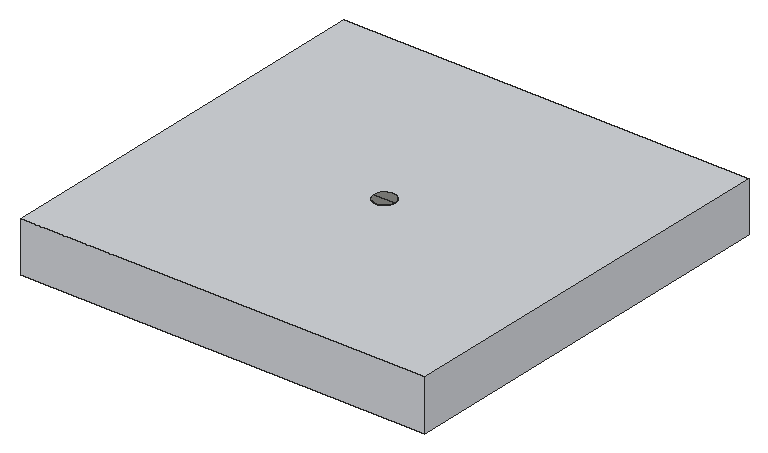
Revit family
Parameters (values of type "This family is not loaded correctly")
  Weight = 8.5 lbf
  WFU = 0
  URL = "http://www.wadedrains.com/"
  Type Comments = "This family is not loaded correctly"
  TY = yes
  Strainer Radius = Strainer Diameter / 2  # 0' - 2 1/2"
  Strainer Diameter = 0' - 5"
  NH = no
  Model = "1100-STD"
  Manufacturer = "Tyler Pipe / Wade Division"
  Free Area = 5.8 in²
  Flow Rate = 20 GPM
  Description = "Painted cast iron floor drain with flange, reversible clamping collar, seepage openings, 1/2\" primer tap (plugged), satin nickelbronze bronze strainer w/ secured grate and bottom outlet."
  Cover Material = Metal - Tyler Pipe - Nickel Bronze
  Strainer Vertical Displacement [instance] = 0' - 1 15/16"
  Pivot Distance = 0' - 10"
  Pipe Radius = Pipe Diameter / 2  # 1 1/2"
  Pipe Diameter = 3"
  Offset [instance] = 0' - 0"
  Default Elevation = 4' - 0"
  Drain Body Material = Metal - Tyler Pipe - Cast Iron
  CALC_TY Length = 0' - 2 5/32"
  CALC_TB = 0' - 0.75031"
  CALC_Connector = 0' - 0"
  CALC_Strainer Disp [instance] = if(Strainer Diameter = 0' 5", if(TY, if(Strainer Vertical Displacement > 0' 2 1/8", 0' 2 1/8", if(Strainer Vertical Displacement < 0' 1 7/16", 0' 1 7/16", Strainer Vertical Displacement)), if(Strainer Vertical Displacement > 0' 1 5/8", 0' 1 5/8", if(Strainer Vertical Displacement < 0' 0 15/16", 0' 0 15/16", Strainer Vertical Displacement))), if(TY, if(Strainer Vertical Displacement > 0' 2 3/8", 0' 2 3/8", if(Strainer Vertical Displacement < 0' 1 1/2", 0' 1 1/2", Strainer Vertical Displacement)), if(Strainer Vertical Displacement > 0' 1 3/4", 0' 1 3/4", if(Strainer Vertical Displacement < 0' 1", 0' 1", Strainer Vertical Displacement))))  # 0' - 1 15/16"
  CALC_Offset [instance] = 0' 10" + Offset  # 0' - 10"
  CALC_C = 0' - 1 13/16"
  CALC_Body Height = 0' - 1.67549"
  CALC_B = 0' - 3 1/2"
  Assembly Code = "D2030300"
  Allow Slope Adjustments [instance] = no
Reference planes (in)
  plane 1 "Center (Front/Back)": y = 0
  plane 2: z = 0
  plane 3 "Center (Left/Right)": x = 0
  plane 4 "Top": z = 0
  plane 5 "Housing Bottom": z = -3.375
  plane 6 "Pivot": z = -10
  plane 7 "Floor": z = 0
  plane 8 "Strainer Displacement": z = -1.9375
  plane 9 "Bottom Body Top": z = -3.625
  plane 10 "Bottom Drain Body": z = -5.4375
  plane 11 "C": z = -3.625
  plane 12: x = -1.5
  plane 13 "Pipe Connector": z = -3.625
  plane 14: x = 1.5
  plane 15: x = -1.5
  plane 16: x = 1.5
  plane 17: y = -1.5
  plane 18: y = 1.5
  plane 19: z = 0
  plane 20: x = -2.5
  plane 21: x = -2.5
  plane 22 "Left": x = -2.5
  plane 23 "Right": x = 2.5
  plane 24 "Front": y = -2.5
  plane 25 "Back": y = 2.5
Forms (in)
  Extrusion 1, solid
    sketch origin (0, 0, 0) x (1, 0, 0) y (0, 1, 0)
      loop
        line (-48, 48) -> (-48, -48) -> (48, -48) -> (48, 48) -> (-48, 48)
    from 0 to -12
  Revolve 2, solid, material "Metal - Tyler Pipe - Nickel Bronze" <- "Cover Material", detail levels fine
    sketch origin (0, 0, 0) x (1, 0, 0) y (0, 0, 1)
      loop
        line (0, 0) -> (-2.5, 0) -> (-2.5, -0.27552) -> (0, -0.27552) -> (0, 0)
      axis (0, 0) -> (0, -0.27552)
    angle from 0 to 360
  Revolve 3, solid, material "Metal - Tyler Pipe - Cast Iron" <- "Drain Body Material", detail levels fine
    sketch origin (0, 0, 0) x (1, 0, 0) y (0, 0, 1)
      loop
        arc (-2.5, -0.27552) -> (-2.43649, -0.31761) -> (-2.41269, -0.39) r 0.11622
        arc (-2.41269, -0.39) -> (-2.39449, -0.45631) -> (-2.34344, -0.50239) r 0.12259
        arc (-2.34344, -0.50239) -> (-1.88929, -0.74562) -> (-1.45697, -1.02583) r 6.17949
        line (-1.45697, -1.02583) -> (0, -1.02583) -> (0, -0.27552) -> (-2.5, -0.27552)
      axis (0, -0.27552) -> (0, -1.02583)
    angle from 0 to 360
  Revolve 4, solid, material "Metal - Tyler Pipe - Nickel Bronze" <- "Cover Material", detail levels fine
    sketch origin (0, 0, 0) x (1, 0, 0) y (0, 0, 1)
      loop
        line (-1.95843, -0.5) -> (-1.95843, -1.55984) -> (0, -1.55984) -> (0, -0.5) -> (-1.95843, -0.5)
      axis (0, -0.5) -> (0, -1.55984)
    angle from 0 to 360
  Revolve 5, solid, material "Metal - Tyler Pipe - Cast Iron" <- "Drain Body Material", detail levels fine
    sketch origin (0, 0, 0) x (1, 0, 0) y (0, 0, 1)
      loop
        line (-4.18445, -2.1875) -> (-3.76459, -2.1875) -> (-3.53324, -2.32107)
        arc (-3.53324, -2.32107) -> (-3.38148, -2.38458) -> (-3.2184, -2.40625) r 0.62445
        line (-3.2184, -2.40625) -> (-2.94545, -2.40625)
        arc (-2.94545, -2.40625) -> (-2.88382, -2.42276) -> (-2.83871, -2.46787) r 0.12324
        line (-2.83871, -2.46787) -> (-2.60538, -2.87156)
        arc (-2.60538, -2.87156) -> (-2.59157, -2.9047) -> (-2.58653, -2.94025) r 0.14184
        line (-2.58653, -2.94025) -> (-2.56444, -3.3171)
        arc (-2.56444, -3.3171) -> (-2.47459, -3.52662) -> (-2.26361, -3.61299) r 0.30087
        line (-2.26361, -3.61299) -> (0, -3.61299) -> (0, -1.55964) -> (-1.9123, -1.55964)
        arc (-1.9123, -1.55964) -> (-1.99387, -1.59343) -> (-2.02765, -1.67499) r 0.11535
        line (-2.02765, -1.67499) -> (-2.02765, -1.8411)
        arc (-2.02765, -1.8411) -> (-2.05505, -1.90724) -> (-2.12119, -1.93464) r 0.09354
        line (-2.12119, -1.93464) -> (-3.26318, -1.93464)
        arc (-3.26318, -1.93464) -> (-3.3515, -1.97123) -> (-3.38808, -2.05955) r 0.12491
        line (-3.38808, -2.05955) -> (-3.38808, -2.14587) -> (-3.73299, -1.94674)
        arc (-3.73299, -1.94674) -> (-3.74962, -1.93985) -> (-3.76747, -1.9375) r 0.06896
        line (-3.76747, -1.9375) -> (-4.08788, -1.9375)
        arc (-4.08788, -1.9375) -> (-4.12809, -1.95213) -> (-4.14949, -1.98919) r 0.06255
        line (-4.14949, -1.98919) -> (-4.18445, -2.1875)
      axis (0, -1.55964) -> (0, -3.61299)
    angle from 0 to 360
  Revolve 6, solid, material "Metal - Tyler Pipe - Cast Iron" <- "Drain Body Material", visible <- "TY", detail levels fine
    sketch origin (0, 0, 0) x (1, 0, 0) y (0, 0, 1)
      loop
        line (-2.38754, -3.28125) -> (-2.31419, -5.38388)
        arc (-2.31419, -5.38388) -> (-2.29726, -5.42191) -> (-2.25867, -5.4375) r 0.05556
        line (-2.25867, -5.4375) -> (-2.06742, -5.4375) -> (-1.9922, -3.28125) -> (-2.38754, -3.28125)
      axis (0, -3.28125) -> (0, -5.4375)
    angle from 0 to 360
  Extrusion 7, solid, not visible
    sketch origin (0, 0, -1.9375) x (-1, 0, 0) y (0, -1, 0)
      loop
        circle (0, 0) r 1.5
    from 0 to -1.6875
  Revolve 8, solid, material "Metal - Tyler Pipe - Cast Iron" <- "Drain Body Material", visible <- "NH", detail levels fine
    sketch origin (0, 0, 0) x (1, 0, 0) y (0, 0, 1)
      loop
        line (1.75, -5.4375) -> (1.75, -3.625) -> (0, -3.625) -> (0, -5.4375) -> (1.75, -5.4375)
      axis (0, -3.625) -> (0, -5.4375)
    angle from 0 to 360
Lines and regions (in)
  Masking region 1, detail levels medium+fine
    outline origin (0, 0, 0) x (1, 0, 0) y (0, 0, 1)
      loop
        line (-2.5, 0) -> (-2.5, -0.5) -> (-1.95703, -0.5) -> (-1.95703, -1.9375) -> (-4.1875, -1.9375) -> (-4.1875, -2.4375) -> (-2, -3.625) -> (-2, -5.4375) -> (2, -5.4375) -> (2, -3.625) -> (4.1875, -2.4375) -> (4.1875, -1.9375) -> (1.95703, -1.9375) -> (1.95703, -0.5) -> (2.5, -0.5) -> (2.5, 0) -> (-2.5, 0)
  Masking region 2, detail levels medium+fine
    outline origin (0, 0, 0) x (0, 1, 0) y (0, 0, 1)
      loop
        line (-2.5, 0) -> (-2.5, -0.5) -> (-1.96875, -0.5) -> (-1.96875, -1.9375) -> (-4.1875, -1.9375) -> (-4.1875, -2.4375) -> (-2, -3.625) -> (-2, -5.4375) -> (2, -5.4375) -> (2, -3.625) -> (4.1875, -2.4375) -> (4.1875, -1.9375) -> (1.96875, -1.9375) -> (1.96875, -0.5) -> (2.5, -0.5) -> (2.5, 0) -> (-2.5, 0)
  Masking region 3
    outline origin (0, 0, 0) x (-1, 0, 0) y (0, -1, 0)
      loop
        circle (0, 0) r 2.5
  Masking region 4, detail levels coarse
    outline origin (0, 0, 0) x (1, 0, 0) y (0, 0, 1)
      loop
        line (-2.5, -0.5) -> (2.5, -0.5) -> (2.5, 0) -> (-2.5, 0) -> (-2.5, -0.5)
  Masking region 5, detail levels coarse
    outline origin (0, 0, 0) x (0, 1, 0) y (0, 0, 1)
      loop
        line (-2.5, -0.5) -> (2.5, -0.5) -> (2.5, 0) -> (-2.5, 0) -> (-2.5, -0.5)
  model lines, detail levels coarse+medium
    curve 1: circle (0, 0, 0) r 2.5 normal (0, 0, 1)
    curve 2: line (0, 0, 0) -> (0, 0, -5.4375)
  symbolic lines, detail levels fine
    curve 3: line (-2, 0, -3.625) -> (2, 0, -3.625)
    curve 6: line (0, 2, -3.625) -> (0, -2, -3.625)
    curve 7: line (-1.95703, 0, -0.5) -> (1.95703, 0, -0.5)
    curve 8: line (-4.1875, 0, -2.4375) -> (4.1875, 0, -2.4375)
    curve 9: line (-1.95703, 0, -1.9375) -> (1.95703, 0, -1.9375)
    curve 10: line (0, -1.96875, -0.5) -> (0, 1.96875, -0.5)
    curve 11: line (0, -1.96875, -1.9375) -> (0, 1.96875, -1.9375)
    curve 12: line (0, -4.1875, -2.4375) -> (0, 4.1875, -2.4375)
  symbolic lines, detail levels coarse
    curve 4: line (0, 0, -5.4375) -> (0, 0, -0.5)
    curve 5: line (0, 0, -5.4375) -> (0, 0, -0.5)
Dimensions and locks (in)
  locked: plane 4 "Top" to plane 5 "Housing Bottom" at 3.375
  locked: Revolve 2 sketch curve to Revolve 2 sketch curve at 0.27552
  "CALC_Offset": plane 4 "Top" to plane 6 "Pivot"
  locked: plane 7 "Floor" to plane 6 "Pivot" at 10
  "Strainer Vertical Displacement": plane 4 "Top" to plane 8 "Strainer Displacement"
  "CALC_C": plane 11 "C" to plane 10 "Bottom Drain Body"
  "CALC_B": plane 8 "Strainer Displacement" to plane 10 "Bottom Drain Body"
  "Pipe Radius": plane 3 "Center (Left/Right)" to plane 12
  "CALC_Connector": plane 11 "C" to plane 13 "Pipe Connector"
  "Pipe Radius": plane 14 to plane 3 "Center (Left/Right)"
  locked: Revolve 8 sketch curve to plane 14 at 0.25
  locked: plane 4 "Top" to Masking region 1 sketch curve at 0.5  (x2)
  "Strainer Radius": Masking region 1 sketch curve to plane 3 "Center (Left/Right)"
  "Strainer Radius": plane 3 "Center (Left/Right)" to Masking region 1 sketch curve
  Masking region 1 sketch curve to plane 3 "Center (Left/Right)" = 0' - 4 3/16"
  plane 3 "Center (Left/Right)" to Masking region 1 sketch curve = 0' - 4 3/16"
  locked: Masking region 1 sketch curve to plane 3 "Center (Left/Right)" at 1.95703
  locked: plane 3 "Center (Left/Right)" to Masking region 1 sketch curve at 1.95703
  "Strainer Radius": Masking region 2 sketch curve to plane 1 "Center (Front/Back)"
  "Strainer Radius": plane 1 "Center (Front/Back)" to Masking region 2 sketch curve
  locked: Masking region 2 sketch curve to plane 1 "Center (Front/Back)" at 1.96875
  locked: plane 1 "Center (Front/Back)" to Masking region 2 sketch curve at 1.96875
  locked: Masking region 2 sketch curve to plane 1 "Center (Front/Back)" at 4.1875
  locked: plane 1 "Center (Front/Back)" to Masking region 2 sketch curve at 4.1875
  locked: Masking region 2 sketch curve to plane 4 "Top" at 0.5
  locked: plane 4 "Top" to Masking region 2 sketch curve at 0.5
  locked: Masking region 4 sketch curve to Masking region 4 sketch curve at 0.5
  locked: Masking region 5 sketch curve to Masking region 5 sketch curve at 0.5
  "Pipe Radius": plane 3 "Center (Left/Right)" to plane 15
  "Pipe Radius": plane 16 to plane 3 "Center (Left/Right)"
  Masking region 1 sketch curve to plane 15 = 0' - 0 1/2"
  locked: plane 16 to Masking region 1 sketch curve at 0.5
  locked: Masking region 2 sketch curve to plane 17 at 0.5
  locked: plane 18 to Masking region 2 sketch curve at 0.5
  "Pipe Radius": plane 17 to plane 1 "Center (Front/Back)"
  "Pipe Radius": plane 1 "Center (Front/Back)" to plane 18
  "Strainer Radius": plane 3 "Center (Left/Right)" to plane 20
  locked: plane 4 "Top" to Revolve 3 sketch curve at 0.38809
  locked: plane 4 "Top" to Revolve 3 sketch curve at 0.39201
  locked: plane 4 "Top" to Revolve 3 sketch curve at 6.06672
  locked: plane 4 "Top" to Revolve 3 sketch curve at 0.27552
  locked: plane 20 to Revolve 3 sketch curve at 0.0289
  locked: Revolve 3 sketch curve to plane 20 at 0.20988
  locked: plane 20 to Revolve 3 sketch curve at 2.53125
  "CALC_TB": Revolve 3 sketch curve to Revolve 3 sketch curve
  "Strainer Radius": plane 21 to plane 3 "Center (Left/Right)"
  locked: plane 12 to Revolve 6 sketch curve at 0.56742
  locked: plane 12 to Revolve 6 sketch curve at 0.81419
  locked: plane 12 to Revolve 6 sketch curve at 0.75867
  locked: Revolve 4 sketch curve to plane 8 "Strainer Displacement" at 0.37766
  locked: plane 8 "Strainer Displacement" to Revolve 5 sketch curve at 0.25
  locked: plane 8 "Strainer Displacement" to Revolve 5 sketch curve at 0.06255
  locked: plane 8 "Strainer Displacement" to Revolve 5 sketch curve at 0.06896
  locked: plane 8 "Strainer Displacement" to Revolve 5 sketch curve at 0.20837
  locked: plane 8 "Strainer Displacement" to Revolve 5 sketch curve at 0.12205
  locked: Revolve 5 sketch curve to plane 8 "Strainer Displacement" at 0.1557
  locked: plane 8 "Strainer Displacement" to Revolve 5 sketch curve at 0.46875
  locked: Revolve 5 sketch curve to plane 8 "Strainer Displacement" at 0.00286
  locked: plane 8 "Strainer Displacement" to Revolve 5 sketch curve at 1.00473
  locked: Revolve 5 sketch curve to Revolve 5 sketch curve at 0.11535
  "CALC_TY Length": Revolve 6 sketch curve to plane 10 "Bottom Drain Body"
  locked: Revolve 6 sketch curve to Revolve 6 sketch curve at 0.39533
  locked: plane 12 to Revolve 6 sketch curve at 0.4922
  equal spacing: plane 22 "Left", plane 3 "Center (Left/Right)", plane 23 "Right"
  "Strainer Radius": plane 22 "Left" to plane 3 "Center (Left/Right)"
  locked: plane 8 "Strainer Displacement" to Masking region 1 sketch curve at 0.5  (x2)
  equal spacing: plane 25 "Back", plane 1 "Center (Front/Back)", plane 24 "Front"
  "Strainer Radius": plane 1 "Center (Front/Back)" to plane 24 "Front"
  "CALC_Body Height": plane 8 "Strainer Displacement" to Revolve 5 sketch curve
  locked: Revolve 5 sketch curve to Revolve 5 sketch curve at 0.2959
  locked: Revolve 5 sketch curve to Revolve 5 sketch curve at 0.30087
  locked: plane 4 "Top" to Revolve 4 sketch curve at 0.5
  "Pipe Radius": radius of Extrusion 7 sketch curve
  "Strainer Radius": radius of Masking region 3 sketch curve
  "Strainer Radius": radius of curve 1
  aligned and locked: plane 2 to Extrusion 1
  aligned and locked: level to Extrusion 1
  aligned and locked: Revolve 2 sketch curve to plane 4 "Top"
  aligned and locked: plane 2 to plane 7 "Floor"
  aligned and locked: plane 9 "Bottom Body Top" to plane 11 "C"
  aligned and locked: Extrusion 7 to plane 8 "Strainer Displacement"
  aligned and locked: Extrusion 7 to plane 13 "Pipe Connector"
  aligned and locked: plane 4 "Top" to curve 2
  aligned and locked: plane 10 "Bottom Drain Body" to curve 2
  aligned and locked: plane 10 "Bottom Drain Body" to Revolve 8 sketch curve
  aligned and locked: Revolve 8 sketch curve to plane 11 "C"
  aligned and locked: Masking region 1 sketch curve to plane 4 "Top"
  aligned and locked: Masking region 1 sketch curve to plane 10 "Bottom Drain Body"
  aligned and locked: Masking region 2 sketch curve to plane 4 "Top"
  aligned and locked: Masking region 2 sketch curve to plane 10 "Bottom Drain Body"
  aligned and locked: plane 4 "Top" to Masking region 4 sketch curve
  aligned and locked: plane 3 "Center (Left/Right)" to curve 4
  aligned and locked: Masking region 4 to curve 4
  aligned and locked: plane 4 "Top" to Masking region 5 sketch curve
  aligned and locked: plane 10 "Bottom Drain Body" to curve 5
  aligned and locked: Masking region 5 to curve 5
  aligned and locked: plane 4 "Top" to plane 19
  aligned and locked: Revolve 2 sketch curve to plane 21
  aligned and locked: Revolve 5 sketch curve to plane 8 "Strainer Displacement"
  aligned and locked: Revolve 6 sketch curve to plane 10 "Bottom Drain Body"
  aligned and locked: plane 3 "Center (Left/Right)" to Revolve 3 sketch curve
  aligned and locked: Masking region 4 sketch curve to plane 22 "Left"
  aligned and locked: Masking region 4 sketch curve to plane 23 "Right"
  aligned and locked: plane 8 "Strainer Displacement" to Masking region 1 sketch curve
  aligned and locked: Masking region 1 sketch curve to plane 8 "Strainer Displacement"
  aligned and locked: curve 7 to Masking region 1
  aligned and locked: Masking region 1 to curve 7
  aligned and locked: curve 8 to Masking region 1  (x2)
  aligned and locked: curve 9 to plane 8 "Strainer Displacement"
  aligned and locked: Masking region 1 to curve 9
  aligned and locked: curve 9 to Masking region 1
  aligned and locked: Masking region 2 sketch curve to plane 8 "Strainer Displacement"
  aligned and locked: plane 8 "Strainer Displacement" to Masking region 2 sketch curve
  aligned and locked: curve 10 to Masking region 2
  aligned and locked: Masking region 2 to curve 10
  aligned and locked: Masking region 2 to curve 11
  aligned and locked: curve 11 to Masking region 2
  aligned and locked: curve 11 to plane 8 "Strainer Displacement"
  aligned and locked: curve 12 to Masking region 2  (x2)
  aligned and locked: Masking region 5 sketch curve to plane 24 "Front"
  aligned and locked: Masking region 5 sketch curve to plane 25 "Back"
  aligned and locked: curve 3 to Masking region 1
  aligned and locked: Masking region 1 to curve 3
  aligned and locked: Masking region 1 to curve 8
  aligned and locked: curve 6 to Masking region 2
  aligned and locked: Masking region 2 to curve 6
  aligned and locked: Masking region 2 to curve 12
Automatic sketch dimensions
  Extrusion 1 sketch curve to Extrusion 1 sketch curve = 8' - 0"  (x2)
  Revolve 2 sketch curve to plane 3 "Center (Left/Right)" = 0' - 0"  (x2)
  plane 5 "Housing Bottom" to Revolve 2 sketch curve = 0' - 1"
  level to Revolve 2 sketch curve = 0' - 1.17126"
  plane 1 "Center (Front/Back)" to Extrusion 7 sketch curve = 0' - 0"
  Extrusion 7 sketch curve to plane 3 "Center (Left/Right)" = 0' - 0"
  Revolve 8 sketch curve to plane 3 "Center (Left/Right)" = 0' - 0"  (x2)
  Revolve 8 sketch curve to plane 10 "Bottom Drain Body" = 0' - 1 5/8"
  Revolve 8 sketch curve to plane 8 "Strainer Displacement" = 0' - 0 1/2"
  plane 1 "Center (Front/Back)" to Masking region 3 sketch curve = 0' - 0"
  Masking region 3 sketch curve to plane 3 "Center (Left/Right)" = 0' - 0"
  Revolve 3 sketch curve to plane 3 "Center (Left/Right)" = 0' - 0"
  Revolve 3 sketch curve to Revolve 3 sketch curve = 0' - 0"  (x2)
  Revolve 3 sketch curve to Revolve 3 sketch curve = 0' - 0.0289"
  plane 8 "Strainer Displacement" to Revolve 3 sketch curve = 0' - 0.76301"
  level to Revolve 3 sketch curve = 0' - 0.43097"
  Revolve 6 sketch curve to plane 3 "Center (Left/Right)" = 0' - 0"
  Revolve 6 sketch curve to Revolve 6 sketch curve = 0' - 0.05362"
  plane 10 "Bottom Drain Body" to Revolve 6 sketch curve = 0' - 0.49489"
  plane 5 "Housing Bottom" to Revolve 6 sketch curve = 0' - 0 27/128"
  Revolve 4 sketch curve to plane 3 "Center (Left/Right)" = 0' - 0"  (x2)
  plane 8 "Strainer Displacement" to Revolve 4 sketch curve = 0' - 0.03577"
  level to Revolve 4 sketch curve = 0' - 1 1/4"
  Revolve 4 sketch curve to Revolve 4 sketch curve = 0' - 1.95843"
  Masking region 1 sketch curve to plane 9 "Bottom Body Top" = 0' - 0"  (x2)
  curve 3 to plane 9 "Bottom Body Top" = 0' - 0"
  plane 1 "Center (Front/Back)" to curve 1 = 0' - 0"
  curve 1 to plane 3 "Center (Left/Right)" = 0' - 0"
  plane 9 "Bottom Body Top" to Masking region 2 sketch curve = 0' - 0"  (x2)
  Masking region 2 sketch curve to plane 8 "Strainer Displacement" = 0' - 0 1/2"  (x2)
  plane 9 "Bottom Body Top" to curve 6 = 0' - 0"
  curve 5 to plane 1 "Center (Front/Back)" = 0' - 0"
  Revolve 5 sketch curve to plane 3 "Center (Left/Right)" = 0' - 0"  (x2)
  plane 22 "Left" to Revolve 5 sketch curve = 0' - 0.5877"
  Revolve 5 sketch curve to Revolve 5 sketch curve = 0' - 0.09354"
  Revolve 5 sketch curve to plane 22 "Left" = 0' - 0.06444"
  Revolve 5 sketch curve to plane 22 "Left" = 0' - 0.08653"
  Revolve 5 sketch curve to Revolve 5 sketch curve = 0' - 0.01885"
  Revolve 5 sketch curve to Revolve 5 sketch curve = 0' - 0.14183"
  Revolve 5 sketch curve to plane 22 "Left" = 0' - 0.33871"
  Revolve 5 sketch curve to Revolve 5 sketch curve = 0' - 0.10673"
  Revolve 5 sketch curve to Revolve 5 sketch curve = 0' - 0.27296"
  Revolve 5 sketch curve to Revolve 5 sketch curve = 0' - 0.04478"
  Revolve 5 sketch curve to Revolve 5 sketch curve = 0' - 0.14515"
  Revolve 5 sketch curve to plane 8 "Strainer Displacement" = 0' - 0.00924"
  Revolve 5 sketch curve to Revolve 5 sketch curve = 0' - 0.34491"
  Revolve 5 sketch curve to Revolve 5 sketch curve = 0' - 0.00288"
  Revolve 5 sketch curve to Revolve 5 sketch curve = 0' - 0.32041"
  Revolve 5 sketch curve to plane 8 "Strainer Displacement" = 0' - 0.05169"
  Revolve 5 sketch curve to Revolve 5 sketch curve = 0' - 0.03497"
  plane 9 "Bottom Body Top" to Revolve 5 sketch curve = 0' - 0.57691"
  Revolve 5 sketch curve to Revolve 5 sketch curve = 0' - 0.00199"
  Revolve 5 sketch curve to Revolve 5 sketch curve = 0' - 0.12324"
  Revolve 5 sketch curve to Revolve 5 sketch curve = 0' - 0.16611"
  level to Revolve 5 sketch curve = 0' - 1 1/4"
Connectors (in)
  piping at (0, 0, -3.625), driven by "Allow Slope Adjustments", driven by "WFU", driven by "Pipe Radius", driven by "Flow Rate"
    settings: on Extrusion 7, index 1, connector radius 1 1/2", flow factor 0, pipe flow 20 GPM, pressure drop 0.00 psi, fitting loss kfactor 0, connector angle 0.00°, fixture units 0, flow configuration 1, flow direction 2, fitting loss method 0, system type 16, connector reference index -1, connector utility 0, adjustable connector no, is connector primary yes, fitting loss table "", connector description "Sanitary Outlet"
